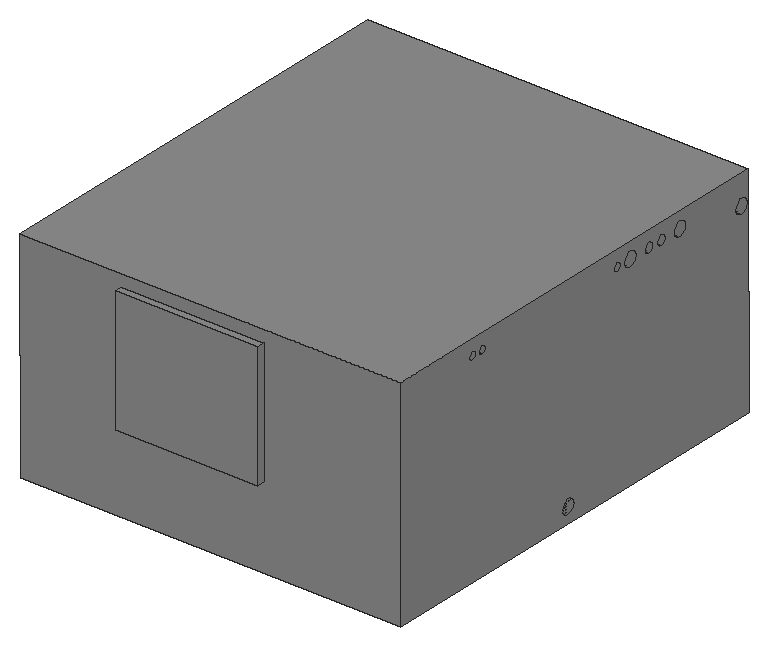
Revit family
Parameters (values of type "40RUQ07")
  Width = 2' - 4 3/16"
  Voltage = 0 V
  Version = 1
  Unit Material = Paint - Carrier - American Sterling Gray
  UV-C Germicidal Lamp [instance] = no
  URL = "www.carrier.com"
  Type Comments = "6 Tons Split System Heat Pump Indoor Unit"
  Return Air Intake Length = 3' - 6 3/4"
  Duct Width = 1' - 4 1/16"
  Duct Length = 1' - 6 3/8"
  Duct Height = 0' - 1"
  TXV Bulb Connection Size = 7/8"
  TXV Bulb Connection Radius = TXV Bulb Connection Size / 2  # 0' - 0 7/16"
  Suction Connection Size = 1 1/8"
  Suction Connection Radius = Suction Connection Size / 2  # 0' - 0 9/16"
  Subbase [instance] = no
  Steam Heating Coil [instance] = no
  Right Clearance = 2' - 6"
  Return Air Grille [instance] = no
  Programmable Thermostats [instance] = no
  Prepainted Units [instance] = no
  Overhead Suspension Package [instance] = no
  Model = "40RUQ07"
  Manufacturer = "Carrier"  # constant formula
  MOCP = 0 A
  MCA = 0 A
  Liquid Connection Size = 5/8"
  Liquid Connection Radius = Liquid Connection Size / 2  # 0' - 0 5/16"
  Length = 4' - 1"
  Left Clearance = 2' - 6"
  Hot Water Heating Coils [instance] = no
  Height = 4' - 8 1/16"
  Bottom Return Air Intake Width = 1' - 6 1/2"
  Bottom Clearance = 2' - 6"
  Fan Radius = 1' - 0"
  Electric Heat [instance] = no
  Economizer [instance] = no
  Drain Connection Size = 1 1/4"
  Drain Connection Radius = Drain Connection Size / 2  # 0' - 0 5/8"
  Disclaimer = "Manufacturer reserves the right to change, at any time, specifications and designs without notice and without obligation.  Please verify critical parameters with local Carrier commercial sales office."  # constant formula
  Discharge Plenum [instance] = no
  Condensate Drain Trap [instance] = no
  CO2 Sensors [instance] = no
  CFM (nominal) = 0 CFM
  Top Clearance = 0' - 3"
  Back Return Air Intake Height = 1' - 5 1/4"
  Assembly Code = "D3050200"
  Alternate Fan Motors [instance] = no
  Alternate Drives [instance] = no
Types (4): name | Type Comments | Duct Width | Duct Length | Model
  (no name) | "6 Tons Split System Heat Pump Indoor Unit" | 1' - 4 1/16" | 1' - 6 3/8" | "40RUQ07"
  40RUQ07 | "6 Tons Split System Heat Pump Indoor Unit" | 1' - 4 1/16" | 1' - 6 3/8" | "40RUQ07"
  40RUQ08 | "7.5 Tons Split System Heat Pump Indoor Unit" | 1' - 4" | 1' - 6" | "40RUQ08"
  40RUQ12 | "10 Tons Split System Heat Pump Indoor Unit" | 1' - 4" | 1' - 6" | "40RUQ12"
Reference planes (in)
  plane 1 "Center (Front/Back)": y = 0
  plane 2: z = 0
  plane 3 "Center (Left/Right)": x = 0
  plane 4 "Top Face of Unit": z = 28.1875
  plane 5 "Front Face of Unit": z = 0
  plane 6 "Left Face of Unit": x = -24.5
  plane 7 "Right Face of Unit": x = 24.5
  plane 8 "Top/Back Clearance Line": z = 31.1875
  plane 9 "Left Clearance Line": x = -54.5
  plane 10 "Right Clearance Line": x = 54.5
  plane 11 "Bottom/Front Clearance Line": z = -30
  plane 12 "Front Side of Unit": y = -28.03125
  plane 13 "Bottom of Unit": z = 0
  plane 14 "Duct Left Edge": x = -11.4375
  plane 15 "Duct Right Edge": x = 6.9375
  plane 16 "Duct Back Edge": z = 26.5625
  plane 17 "Duct Front Edge": z = 10.5
  plane 18 "Duct Face": y = -29.03125
  plane 19 "Side Connections Centerline": z = 26.1875
  plane 20 "Lower Suction Connection Centerline": y = 16.96875
  plane 21 "Lower Liquid Connection Centerline": y = 13.96875
  plane 22 "Upper Liquid Connection Centerline": y = 11.96875
  plane 23 "Upper Suction Connection Centerline": y = 8.96875
  plane 24 "TXV Bulb Connection": y = 6.84375
  plane 25 "Top Power Entry Centerline": y = -16.40625
  plane 26 "Lower Power Entry Centerline": y = -14.90625
  plane 27 "Drain Connection Centerline": y = 26.90625
  plane 28 "Drain Centerline - Horizontal": z = 24.4375
  plane 29 "Front Drain Centerline Vertical": z = 2
  plane 30 "Front Drain Centerline Horizontal": y = -1.03125
  plane 31 "Back Face of Unit": y = 28.03125
  plane 32 "Left Edge of Intake": x = -21.375
  plane 33 "Right Edge of Intake": x = 21.375
  plane 34 "Back Edge of Intake": y = 21.28125
  plane 35 "Front Edge of Intake": y = 2.78125
  plane 36 "Top Edge of Intake": z = 20.9375
  plane 37 "Bottom Edge of Intake": z = 3.6875
Forms (in)
  Extrusion 1, solid, material "Paint - Carrier - American Sterling Gray" <- "Unit Material"
    sketch origin (0, 28.03125, 14.09375) x (1, 0, 0) y (0, 0, 1)
      loop
        line (-24.5, -14.09375) -> (24.5, -14.09375) -> (24.5, 14.09375) -> (-24.5, 14.09375) -> (-24.5, -14.09375)
    from 0 to 56.0625
  Extrusion 2, solid, material "Paint - Carrier - American Sterling Gray", detail levels medium+fine
    sketch origin (0, -28.03125, 0) x (-1, 0, 0) y (0, 0, -1)
      loop
        line (11.4375, -10.5) -> (-6.9375, -10.5) -> (-6.9375, -26.5625) -> (11.4375, -26.5625) -> (11.4375, -10.5)
    from 0 to 1
  Extrusion 3, solid, material "Paint - Carrier - American Sterling Gray" <- "Unit Material", detail levels fine
    sketch origin (24.5, 28.03125, 14.09375) x (0, 0, 1) y (0, -1, 0)
      loop
        circle (12.09375, 44.4375) r 0.4375
    from 0 to -0.5
  Extrusion 4, solid, material "Paint - Carrier - American Sterling Gray" <- "Unit Material", detail levels fine
    sketch origin (24.5, 28.03125, 14.09375) x (0, 0, 1) y (0, -1, 0)
      loop
        circle (12.09375, 42.9375) r 0.4375
    from 0 to -0.5
  Extrusion 5, solid, material "Paint - Carrier - American Sterling Gray" <- "Unit Material", detail levels fine
    sketch origin (24.5, 28.03125, 14.09375) x (0, 0, 1) y (0, -1, 0)
      loop
        circle (12.09375, 21.1875) r 0.4375
    from 0 to -0.5
  Extrusion 6, solid, material "Paint - Carrier - American Sterling Gray" <- "Unit Material", detail levels fine
    sketch origin (24.5, 28.03125, 14.09375) x (0, 0, 1) y (0, -1, 0)
      loop
        circle (12.09375, 19.0625) r 0.875
    from 0 to -0.5
  Extrusion 7, solid, material "Paint - Carrier - American Sterling Gray" <- "Unit Material", detail levels fine
    sketch origin (24.5, 28.03125, 14.09375) x (0, 0, 1) y (0, -1, 0)
      loop
        circle (12.09375, 16.0625) r 0.5625
    from 0 to -0.5
  Extrusion 8, solid, material "Paint - Carrier - American Sterling Gray" <- "Unit Material", detail levels fine
    sketch origin (24.5, 28.03125, 14.09375) x (0, 0, 1) y (0, -1, 0)
      loop
        circle (12.09375, 14.0625) r 0.5625
    from 0 to -0.5
  Extrusion 9, solid, material "Paint - Carrier - American Sterling Gray" <- "Unit Material", detail levels fine
    sketch origin (24.5, 28.03125, 14.09375) x (0, 0, 1) y (0, -1, 0)
      loop
        circle (12.09375, 11.0625) r 0.875
    from 0 to -0.5
  Extrusion 10, solid, material "Paint - Carrier - American Sterling Gray" <- "Unit Material", detail levels fine
    sketch origin (24.5, 28.03125, 14.09375) x (0, 0, 1) y (0, -1, 0)
      loop
        circle (10.34375, 1.125) r 0.875
    from 0 to -0.5
  Extrusion 11, solid, material "Paint - Carrier - American Sterling Gray" <- "Unit Material", detail levels fine
    sketch origin (24.5, 28.03125, 14.09375) x (0, 0, 1) y (0, -1, 0)
      loop
        circle (-12.09375, 29.0625) r 0.875
    from 0 to -0.5
  Extrusion 12, solid, material "Paint - Carrier - American Sterling Gray" <- "Unit Material", detail levels medium+fine
    sketch origin (0, 0, 0) x (-1, 0, 0) y (0, -1, 0)
      loop
        line (21.375, -2.78125) -> (-21.375, -2.78125) -> (-21.375, -21.28125) -> (21.375, -21.28125) -> (21.375, -2.78125)
    from 0 to 0.5
  Extrusion 13, solid, material "Paint - Carrier - American Sterling Gray" <- "Unit Material", detail levels medium+fine
    sketch origin (0, 28.03125, 0) x (0, 0, 1) y (1, 0, 0)
      loop
        line (3.6875, -21.375) -> (20.9375, -21.375) -> (20.9375, 21.375) -> (3.6875, 21.375) -> (3.6875, -21.375)
    from 0 to -0.5
Lines and regions (in)
  symbolic lines, style "Clearance Zones", detail levels fine
    curve 1: line (-54.5, -29.03125, 0) -> (54.5, -29.03125, 0)
    curve 2: line (-54.5, 28.03125, 0) -> (-54.5, -29.03125, 0)
    curve 3: line (54.5, 28.03125, 0) -> (-54.5, 28.03125, 0)
    curve 4: line (54.5, -29.03125, 0) -> (54.5, 28.03125, 0)
  model lines, detail levels medium+fine
    curve 5: line (-22, 24.53125, 0) -> (22, 24.53125, 0)
    curve 6: line (-22, 1.25, 0) -> (-22, 24.53125, 0)
    curve 7: line (22, 1.25, 0) -> (-22, 1.25, 0)
    curve 8: line (22, 24.53125, 0) -> (22, 1.25, 0)
    curve 9: line (-22, -1.25, 0) -> (22, -1.25, 0)
    curve 10: line (-22, -25.53125, 0) -> (-22, -1.25, 0)
    curve 11: line (22, -25.53125, 0) -> (-22, -25.53125, 0)
    curve 12: line (22, -1.25, 0) -> (22, -25.53125, 0)
    curve 13: line (-24.5, 24.53125, 24.1875) -> (-24.5, 24.53125, 4)
    curve 14: line (-24.5, -25.53125, 4) -> (-24.5, -25.53125, 24.1875)
    curve 15: line (-24.5, 24.53125, 4) -> (-24.5, -25.53125, 4)
    curve 16: line (24.5, 24.53125, 4) -> (24.5, 24.53125, 24.1875)
    curve 17: line (24.5, -25.53125, 4) -> (24.5, 24.53125, 4)
    curve 18: line (24.5, -25.53125, 24.1875) -> (24.5, -25.53125, 4)
    curve 19: line (24.5, 24.53125, 24.1875) -> (24.5, -25.53125, 24.1875)
  model lines
    curve 20: line (-24.5, 24.53125, 24.1875) -> (-24.5, -25.53125, 24.1875)
Dimensions and locks (in)
  equal spacing: plane 6 "Left Face of Unit", plane 3 "Center (Left/Right)", plane 7 "Right Face of Unit"
  "Length": plane 6 "Left Face of Unit" to plane 7 "Right Face of Unit"
  "Left Clearance": plane 9 "Left Clearance Line" to plane 6 "Left Face of Unit"
  "Right Clearance": plane 7 "Right Face of Unit" to plane 10 "Right Clearance Line"
  locked: plane 6 "Left Face of Unit" to plane 14 "Duct Left Edge" at 13.0625
  "Duct Length": plane 14 "Duct Left Edge" to plane 15 "Duct Right Edge"
  locked: curve 10 to plane 6 "Left Face of Unit" at 2.5
  locked: plane 7 "Right Face of Unit" to curve 12 at 2.5
  locked: plane 12 "Front Side of Unit" to curve 11 at 2.5
  locked: curve 11 to curve 9 at 24.28125
  locked: curve 9 to curve 7 at 2.5
  curve 15 to plane 5 "Front Face of Unit" = 0' - 4"
  plane 12 "Front Side of Unit" to curve 14 = 0' - 2 1/2"
  locked: plane 19 "Side Connections Centerline" to plane 4 "Top Face of Unit" at 2
  locked: plane 28 "Drain Centerline - Horizontal" to plane 4 "Top Face of Unit" at 3.75
  locked: plane 5 "Front Face of Unit" to plane 29 "Front Drain Centerline Vertical" at 2
  locked: curve 20 to plane 4 "Top Face of Unit" at 4
  locked: plane 31 "Back Face of Unit" to curve 13 at 3.5
  "Width": plane 4 "Top Face of Unit" to plane 13 "Bottom of Unit"
  locked: plane 27 "Drain Connection Centerline" to plane 31 "Back Face of Unit" at 1.125
  locked: plane 20 "Lower Suction Connection Centerline" to plane 31 "Back Face of Unit" at 11.0625
  locked: plane 21 "Lower Liquid Connection Centerline" to plane 31 "Back Face of Unit" at 14.0625
  locked: plane 22 "Upper Liquid Connection Centerline" to plane 31 "Back Face of Unit" at 16.0625
  locked: plane 23 "Upper Suction Connection Centerline" to plane 31 "Back Face of Unit" at 19.0625
  locked: plane 24 "TXV Bulb Connection" to plane 31 "Back Face of Unit" at 21.1875
  locked: plane 26 "Lower Power Entry Centerline" to plane 31 "Back Face of Unit" at 42.9375
  locked: plane 25 "Top Power Entry Centerline" to plane 31 "Back Face of Unit" at 44.4375
  locked: plane 30 "Front Drain Centerline Horizontal" to plane 31 "Back Face of Unit" at 29.0625
  plane 4 "Top Face of Unit" to plane 16 "Duct Back Edge" = 0' - 1 5/8"
  "Duct Width": plane 16 "Duct Back Edge" to plane 17 "Duct Front Edge"
  locked: curve 5 to plane 31 "Back Face of Unit" at 3.5
  locked: plane 6 "Left Face of Unit" to plane 32 "Left Edge of Intake" at 3.125
  "Return Air Intake Length": plane 32 "Left Edge of Intake" to plane 33 "Right Edge of Intake"
  locked: curve 3 to plane 34 "Back Edge of Intake" at 6.75
  "Bottom Return Air Intake Width": plane 34 "Back Edge of Intake" to plane 35 "Front Edge of Intake"
  locked: Extrusion 12 to plane 13 "Bottom of Unit" at 0.5
  locked: plane 37 "Bottom Edge of Intake" to plane 13 "Bottom of Unit" at 3.6875
  "Back Return Air Intake Height": plane 36 "Top Edge of Intake" to plane 37 "Bottom Edge of Intake"
  locked: plane 31 "Back Face of Unit" to Extrusion 13 at 0.5
  radius of Extrusion 3 sketch curve = 0' - 0 7/16"
  radius of Extrusion 4 sketch curve = 0' - 0 7/16"
  radius of Extrusion 5 sketch curve = 0' - 0 7/16"
  radius of Extrusion 6 sketch curve = 0' - 0 7/8"
  radius of Extrusion 7 sketch curve = 0' - 0 9/16"
  radius of Extrusion 8 sketch curve = 0' - 0 9/16"
  radius of Extrusion 9 sketch curve = 0' - 0 7/8"
  radius of Extrusion 10 sketch curve = 0' - 0 7/8"
  radius of Extrusion 11 sketch curve = 0' - 0 7/8"
  aligned and locked: level to plane 2
  aligned and locked: plane 10 "Right Clearance Line" to curve 4
  aligned and locked: curve 2 to plane 9 "Left Clearance Line"
  aligned and locked: level to plane 13 "Bottom of Unit"
  aligned and locked: plane 4 "Top Face of Unit" to Extrusion 1 sketch curve
  aligned and locked: Extrusion 1 sketch curve to plane 6 "Left Face of Unit"
  aligned and locked: plane 7 "Right Face of Unit" to Extrusion 1
  aligned and locked: plane 5 "Front Face of Unit" to Extrusion 1
  aligned and locked: Extrusion 1 to plane 12 "Front Side of Unit"
  aligned: Extrusion 1 to plane 13 "Bottom of Unit"
  aligned and locked: plane 16 "Duct Back Edge" to Extrusion 2 sketch curve
  aligned and locked: plane 15 "Duct Right Edge" to Extrusion 2 sketch curve
  aligned and locked: Extrusion 2 sketch curve to plane 14 "Duct Left Edge"
  aligned and locked: Extrusion 2 sketch curve to plane 17 "Duct Front Edge"
  aligned and locked: Extrusion 2 to plane 12 "Front Side of Unit"
  aligned and locked: Extrusion 2 to plane 18 "Duct Face"
  aligned and locked: curve 10 to curve 6
  aligned and locked: curve 8 to curve 12
  aligned and locked: curve 14 to curve 18
  aligned and locked: curve 15 to curve 17
  aligned and locked: curve 13 to curve 16
  aligned and locked: plane 19 "Side Connections Centerline" to Extrusion 3 sketch curve
  aligned and locked: plane 25 "Top Power Entry Centerline" to Extrusion 3 sketch curve
  aligned and locked: plane 7 "Right Face of Unit" to Extrusion 3
  aligned and locked: plane 19 "Side Connections Centerline" to Extrusion 4 sketch curve
  aligned and locked: plane 26 "Lower Power Entry Centerline" to Extrusion 4 sketch curve
  aligned and locked: plane 19 "Side Connections Centerline" to Extrusion 5 sketch curve
  aligned and locked: plane 24 "TXV Bulb Connection" to Extrusion 5 sketch curve
  aligned and locked: plane 23 "Upper Suction Connection Centerline" to Extrusion 6 sketch curve
  aligned and locked: plane 19 "Side Connections Centerline" to Extrusion 6 sketch curve
  aligned and locked: plane 19 "Side Connections Centerline" to Extrusion 7 sketch curve
  aligned and locked: plane 22 "Upper Liquid Connection Centerline" to Extrusion 7 sketch curve
  aligned and locked: plane 19 "Side Connections Centerline" to Extrusion 8 sketch curve
  aligned and locked: plane 21 "Lower Liquid Connection Centerline" to Extrusion 8 sketch curve
  aligned and locked: plane 19 "Side Connections Centerline" to Extrusion 9 sketch curve
  aligned and locked: plane 20 "Lower Suction Connection Centerline" to Extrusion 9 sketch curve
  aligned and locked: plane 28 "Drain Centerline - Horizontal" to Extrusion 10 sketch curve
  aligned and locked: plane 27 "Drain Connection Centerline" to Extrusion 10 sketch curve
  aligned and locked: plane 7 "Right Face of Unit" to Extrusion 10
  aligned and locked: plane 7 "Right Face of Unit" to Extrusion 9
  aligned and locked: plane 7 "Right Face of Unit" to Extrusion 8
  aligned and locked: plane 7 "Right Face of Unit" to Extrusion 7
  aligned and locked: plane 7 "Right Face of Unit" to Extrusion 6
  aligned and locked: plane 7 "Right Face of Unit" to Extrusion 5
  aligned and locked: plane 7 "Right Face of Unit" to Extrusion 4
  aligned and locked: plane 29 "Front Drain Centerline Vertical" to Extrusion 11 sketch curve
  aligned and locked: plane 30 "Front Drain Centerline Horizontal" to Extrusion 11 sketch curve
  aligned and locked: plane 7 "Right Face of Unit" to Extrusion 11
  aligned and locked: curve 20 to curve 19
  aligned and locked: plane 31 "Back Face of Unit" to Extrusion 1
  aligned and locked: plane 18 "Duct Face" to curve 1
  aligned and locked: plane 33 "Right Edge of Intake" to Extrusion 12 sketch curve
  aligned and locked: Extrusion 12 sketch curve to plane 32 "Left Edge of Intake"
  aligned and locked: plane 34 "Back Edge of Intake" to Extrusion 12 sketch curve
  aligned and locked: Extrusion 12 sketch curve to plane 35 "Front Edge of Intake"
  aligned and locked: Extrusion 12 to plane 13 "Bottom of Unit"
  aligned and locked: plane 36 "Top Edge of Intake" to Extrusion 13 sketch curve
  aligned and locked: Extrusion 13 sketch curve to plane 37 "Bottom Edge of Intake"
  aligned and locked: Extrusion 13 sketch curve to plane 32 "Left Edge of Intake"
  aligned and locked: plane 33 "Right Edge of Intake" to Extrusion 13 sketch curve
  aligned and locked: plane 31 "Back Face of Unit" to Extrusion 13
Automatic sketch dimensions
  Extrusion 1 sketch curve to plane 7 "Right Face of Unit" = 0' - 0"
  Extrusion 1 sketch curve to level = 0' - 0"
Connectors (in)
  hvac at (-2.25, -29.03125, 18.53125), driven by "Duct Length", driven by "Duct Width", driven by "CFM (nominal)"
    settings: on Extrusion 2, index 1, duct flow 0 CFM, flow factor 0, pres drop 0.00 in-wg, loss coef 0, conn angle 0.00°, conn width 18 3/8", conn height 16 1/16", conn radius 12", duct sys type 1, conn prof type 1, flow config 0, flow direction 2, loss method 0, conn ref index -1, conn util no, is conn primary yes, conn desc "Top Supply Air"
  piping at (24.5, 16.96875, 26.1875), driven by "Suction Connection Radius"
    settings: on Extrusion 9, index 3, connector radius 9/16", flow factor 0, pipe flow 0 GPM, pressure drop 0.00 psi, fitting loss kfactor 0, connector angle 0.00°, fixture units 0, flow configuration 1, flow direction 2, fitting loss method 0, system type 22, connector reference index -1, connector utility 0, adjustable connector no, is connector primary yes, fitting loss table "", connector description "Lower Suction Connection"
  piping at (24.5, 13.96875, 26.1875), driven by "Liquid Connection Radius"
    settings: on Extrusion 8, index 4, connector radius 5/16", flow factor 0, pipe flow 0 GPM, pressure drop 0.00 psi, fitting loss kfactor 0, connector angle 0.00°, fixture units 0, flow configuration 1, flow direction 1, fitting loss method 0, system type 22, connector reference index -1, connector utility 0, adjustable connector no, is connector primary no, fitting loss table "", connector description "Lower Liquid Connection"
  piping at (24.5, 11.96875, 26.1875), driven by "Liquid Connection Radius"
    settings: on Extrusion 7, index 5, connector radius 5/16", flow factor 0, pipe flow 0 GPM, pressure drop 0.00 psi, fitting loss kfactor 0, connector angle 0.00°, fixture units 0, flow configuration 1, flow direction 1, fitting loss method 0, system type 22, connector reference index -1, connector utility 0, adjustable connector no, is connector primary no, fitting loss table "", connector description "Upper Liquid Connection"
  piping at (24.5, 8.96875, 26.1875), driven by "Suction Connection Radius"
    settings: on Extrusion 6, index 6, connector radius 9/16", flow factor 0, pipe flow 0 GPM, pressure drop 0.00 psi, fitting loss kfactor 0, connector angle 0.00°, fixture units 0, flow configuration 1, flow direction 2, fitting loss method 0, system type 22, connector reference index -1, connector utility 0, adjustable connector no, is connector primary no, fitting loss table "", connector description "Upper Suction Connection"
  piping at (24.5, 6.84375, 26.1875), driven by "TXV Bulb Connection Radius"
    settings: on Extrusion 5, index 7, connector radius 7/16", flow factor 0, pipe flow 0 GPM, pressure drop 0.00 psi, fitting loss kfactor 0, connector angle 0.00°, fixture units 0, flow configuration 1, flow direction 1, fitting loss method 0, system type 22, connector reference index -1, connector utility 0, adjustable connector no, is connector primary no, fitting loss table "", connector description "TXV Bulb"
  electrical at (24.5, -16.40625, 26.1875)
    settings: on Extrusion 3, index 8, voltage 0 V, apparent load 0 VA, apparent load phase1 0 VA, apparent load phase2 0 VA, apparent load phase3 0 VA, power factor 1, load classification "Power", number of poles 3, system type 30, power factor state 1, is connector primary yes, connector utility no, sub classification motor no, connector description "Power Supply"
  electrical at (24.5, -14.90625, 26.1875)
    settings: on Extrusion 4, index 9, voltage 0 V, apparent load 0 VA, apparent load phase1 0 VA, apparent load phase2 0 VA, apparent load phase3 0 VA, power factor 1, load classification "Motor", number of poles 3, system type 30, power factor state 1, is connector primary no, connector utility no, sub classification motor no, connector description "Optional Fan Motor"
  piping at (24.5, -1.03125, 2), driven by "Drain Connection Radius"
    settings: on Extrusion 11, index 10, connector radius 5/8", flow factor 0, pipe flow 0 GPM, pressure drop 0.00 psi, fitting loss kfactor 0, connector angle 0.00°, fixture units 0, flow configuration 1, flow direction 2, fitting loss method 0, system type 16, connector reference index -1, connector utility 0, adjustable connector no, is connector primary no, fitting loss table "", connector description "Front Drain"
  hvac at (0, 12.03125, 0), driven by "Return Air Intake Length", driven by "Bottom Return Air Intake Width"
    settings: on Extrusion 12, index 11, duct flow 0 CFM, flow factor 0, pres drop 0.00 in-wg, loss coef 0, conn angle 0.00°, conn width 42 3/4", conn height 18 1/2", conn radius 12", duct sys type 2, conn prof type 1, flow config 0, flow direction 1, loss method 0, conn ref index -1, conn util no, is conn primary no, conn desc "Bottom Return Air Intake"
  hvac at (0, 28.03125, 12.3125), driven by "Return Air Intake Length", driven by "Back Return Air Intake Height"
    settings: on Extrusion 13, index 12, duct flow 0 CFM, flow factor 0, pres drop 0.00 in-wg, loss coef 0, conn angle 0.00°, conn width 42 3/4", conn height 17 1/4", conn radius 12", duct sys type 2, conn prof type 1, flow config 0, flow direction 1, loss method 0, conn ref index -1, conn util no, is conn primary no, conn desc "Back Return Air Intake"
